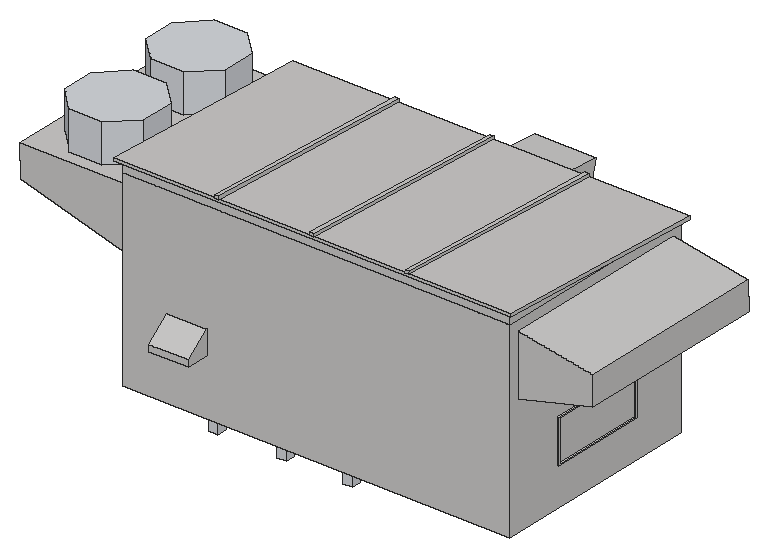
Revit family "DN3_2.0_RT_ECH_2FP", category Mechanical Equipment, Revit 2019
Family settings
  Round Connector Dimension = Use Diameter
  Part Type = Normal
  OmniClass Number = 23.75.00.00
  OmniClass Title = Climate Control (HVAC)
  Work Plane-Based = No
  Always vertical = Yes
  Cut with Voids When Loaded = No
  Shared = No
  Room Calculation Point = No
Parameters (values of type "2 @ 5HP ea. 575V")
  Voltage [instance] = "575V"
  Unit Weight Range (lbs) [instance] = "3400-4550 lbs."
  Refrigerant = "R410A"
  Number of Condenser Fans = "Qty. 2, EC motors, Direct drive"
  Nominal Capacity Range = "3.5T - 20T"
  Max. Shipping Weight (lbs) [instance] = "3400-4550 lbs."
  Unit Dimensions (L x W x H) [instance] = "212-3/4\" x 108-3/4\" x 79-1/2\""
  Shipping Dimensions (L x W x H) [instance] = "212-3/4\" x 108-3/4\" x 79-1/2\""
  Unit [instance] = Renewaire - Galvanized Steel
  URL = "www.renewaire.com"
  Typical Airflow Range = "750-3,300 CFM"
  Standard Features [instance] = "EC Motors for both airstreams, Direct drive backward inclined plenum, Higher ESP of up to 2.5\" w.g. at 3,000 CFM, Integrated programmable controls, True 100% face and bypass enthalpy based modulating economizer, Class 1 low leakage motorized isolation dampers, Stainless steel double-sloped drain pan with cooling option, 1\" Double wall foam injected 20 gauge galvanized panel construction with R6.5 insulation"
  Service Area Visibility [instance] = yes
  Service Area Box [instance] = Renewaire - Interference
  Revit Object Download Link [instance] = ""
  Phase [instance] = "Three"
  Options [instance] = "DX, heat pump, or chilled water cooling coil, Modulating hot gas reheat, Steam or hot water coil, gas heat module or electric heater, Onboard variable frequency drives (VFDs) - both airstreams, Fused disconnect, Spring isolators (VFDs only), 2\" Double wall foam injected 20 gauge galvanized panel construction with R13 insulation, Exterior paint - grey, white, custom color, Salt spray - 2500 hours, BACNET factory activation, GFCI convenience outlet, Recirculation damper, Drain overflow switch, Mist Eliminator, Electrofin coating for coils"
  Number Motors [instance] = "Qty. 2, Direct drive motorized impeller packages"
  Model = "DN-3RT-ECH-2FP"
  Manufacturer = "Renewaire LLC"
  Inlets/Outlets [instance] = "OA & RA Inlets: 36\" x 16\", SA Outlet: 24\" x 16\", EA Outlet: 20\" x 16\""
  Frequency [instance] = "50/60 Hz"
  Filters [instance] = "Total qty. 6, MERV 8: 20\" x 20\" x 2\""
  Features (default) = "BLDC Variable Speed Compressor, Integrated Refrigeration Controller, Electronic Expansion Valve, Filter Drier, Sight Glass"
  Energy Recovery Type [instance] = "Static plate total energy transfer"
  Description = "Energy Recovery Ventilator"
  Available Options = "Fixed Speed Compressor, Suction Accumlator w/HGRH, Modulating 3-way Valve w/HGRH"
  Accessories [instance] = "Filters - MERV 13, 2\"  and 4\" (shipped loose), MERV 14, 2\" and 4\" (shipped loose), Additional filters available upon request, Roof curb - standard 14\", Hurricane or seismic rated curbs, Curb clip kit, Carbon dioxide sensor/control - wall mount (CO2-W), duct mount (CO2-D), IAQ sensor - wall mount (IAQ-W), duct mount (IAQ-D), Motion occupancy sensor/control - ceiling mount (MC-C), wall mount (MC-W), Smoke detector, Room temperature and humidity sensor, Duct static pressure sensor with display to 10\", without display 0-2\", Room pressure sensor with display to 1\", without display 0-1\", Waterless trap negative pressure, waterless trap positive pressure, Remote display"
  AHRI 1060 Certified Core [instance] = "Three L-125-G5"
Types (6): name | Voltage
  (no name) | "575V"
  2 @ 2.70 kW ea. | "200-240 V"
  2 @ 3.70 kW ea. | "380-480 V"
  2 @ 5HP ea. 208-230V | "208-230 V"
  2 @ 5HP ea. 460V | "460V"
  2 @ 5HP ea. 575V | "575V"
Reference planes (in)
  plane 1 "Center (Front/Back)": y = 0
  plane 2: z = 0
  plane 3 "Center (Left/Right)": x = 0
  plane 4: y = -39.6875
  plane 5: x = -73
Forms (in)
  Extrusion 1, solid, material "Renewaire - Galvanized Steel" <- "Unit"
    sketch origin (0, 0, 0) x (0, 1, 0) y (0, 0, 1)
      loop
        line (38.6875, 70.875) -> (-40.6875, 70.875) -> (-40.6875, 0) -> (38.6875, 0) -> (38.6875, 70.875)
    from 70.875 to -73
  Extrusion 2, solid, material "Renewaire - Galvanized Steel" <- "Unit"
    sketch origin (0, -1.04504, 1.25231) x (0, 1, 0) y (0, 0, 1)
      loop
        line (12.02253, 30.88417) -> (-11.97747, 30.88417) -> (-11.97747, 14.88417) -> (12.02253, 14.88417) -> (12.02253, 30.88417)
      loop
        line (11.77253, 30.63417) -> (-11.72747, 30.63417) -> (-11.72747, 15.13417) -> (11.77253, 15.13417) -> (11.77253, 30.63417)
    from -73 to -74
  Extrusion 3, solid, material "Renewaire - Galvanized Steel" <- "Unit"
    sketch origin (0, -1.04504, 3) x (0, 1, 0) y (0, 0, 1)
      loop
        line (-17.97746, 27.82167) -> (-17.97746, 11.82167) -> (18.02254, 11.82167) -> (18.02254, 27.82167) -> (-17.97746, 27.82167)
      loop
        line (-17.72746, 27.57167) -> (-17.72746, 12.07167) -> (17.77254, 12.07167) -> (17.77254, 27.57167) -> (-17.72746, 27.57167)
    from 71.875 to 70.875
  Extrusion 4, void
    sketch origin (0, 0, 0) x (1, 0, 0) y (0, 1, 0)
      loop
        line (-71, 36.6875) -> (-71, -38.6875) -> (68.875, -38.6875) -> (68.875, 36.6875) -> (-71, 36.6875)
    from -1 to 6
  Extrusion 5, void
    sketch origin (0, 0, 0) x (1, 0, 0) y (0, 1, 0)
      loop
        line (63.82319, 17.02251) -> (47.8232, 17.02251) -> (47.8232, -18.97749) -> (63.82319, -18.97749) -> (63.82319, 17.02251)
      loop
        line (-49.7055, 11.02929) -> (-65.7055, 11.02929) -> (-65.7055, -12.97071) -> (-49.7055, -12.97071) -> (-49.7055, 11.02929)
    from 4 to 6.125
  Extrusion 6, void
    sketch origin (0, 0, 0) x (1, 0, 0) y (0, 1, 0)
      loop
        line (-113.80798, 76.76536) -> (-113.80798, -117.79913) -> (98.94202, -117.79913) -> (98.94202, 76.76536) -> (-113.80798, 76.76536)
    from 0 to 70.875
  Extrusion 7, solid, material "Renewaire - Galvanized Steel" <- "Unit"
    sketch origin (0, 0, 0) x (0, 1, 0) y (0, 0, 1)
      loop
        line (38.6875, 67.40788) -> (38.6875, 49.36009) -> (55.14296, 48.91539) -> (59.60759, 65.57761) -> (38.6875, 67.40788)
    from 0 to 22.39252
  Extrusion 8, solid, material "Renewaire - Galvanized Steel" <- "Unit"
    sketch origin (0, 0, 0) x (1, 0, 0) y (0, 0, 1)
      loop
        line (70.875, 67.38694) -> (70.875, 44.63001) -> (98.94202, 51.93797) -> (98.94202, 62.43797) -> (70.875, 67.38694)
    from -35.06601 to 37.05392
  Extrusion 9, solid, material "Renewaire - Galvanized Steel" <- "Unit"
    sketch origin (0, 0, 0) x (1, 0, 0) y (0, 0, 1)
      loop
        line (-73, 29.6828) -> (-77.34667, 28.51811) -> (-75.24095, 20.65947) -> (-73, 20.65947) -> (-73, 29.6828)
    from 14.47821 to 22.90376
  Extrusion 10, solid, material "Renewaire - Galvanized Steel" <- "Unit"
    sketch origin (0, -0.71875, 0) x (0, 1, 0) y (0, 0, 1)
      loop
        line (-39.96875, 20.87411) -> (-39.96875, 29.7991) -> (-48.4375, 23.18634) -> (-48.4375, 20.87411) -> (-39.96875, 20.87411)
    from -56.79672 to -41.89672
  Extrusion 11, solid, material "Renewaire - Galvanized Steel" <- "Unit"
    sketch origin (0, 0, 0) x (0, 1, 0) y (0, 0, 1)
      loop
        line (40.71506, 70.90575) -> (40.76536, 71.90448) -> (-42.74883, 76.11069) -> (-42.79913, 75.11195) -> (40.71506, 70.90575)
    from -74.94102 to 72.69298
  Extrusion 12, solid, material "Renewaire - Galvanized Steel" <- "Unit"
    sketch origin (0, 0, 0) x (0, 1, 0) y (0, 0, 1)
      loop
        line (38.6875, 70.875) -> (38.6875, 71.00786) -> (-40.6875, 75.0056) -> (-40.6875, 70.875) -> (38.6875, 70.875)
    from -73 to 70.875
  Extrusion 13, solid, material "Renewaire - Galvanized Steel" <- "Unit"
    sketch origin (0, 0, 0) x (0, 1, 0) y (0, 0, 1)
      loop
        line (40.76536, 71.90448) -> (40.81566, 72.90323) -> (-42.69853, 77.10944) -> (-42.74883, 76.11069) -> (40.76536, 71.90448)
    from -1.87008 to -0.36867
  Extrusion 14, solid, material "Renewaire - Galvanized Steel" <- "Unit"
    sketch origin (0, 0, 0) x (0, 1, 0) y (0, 0, 1)
      loop
        line (40.76536, 71.90448) -> (40.81566, 72.90323) -> (-42.69853, 77.10944) -> (-42.74883, 76.11069) -> (40.76536, 71.90448)
    from -37.29305 to -35.79803
  Extrusion 15, solid, material "Renewaire - Galvanized Steel" <- "Unit"
    sketch origin (0, 0, 0) x (0, 1, 0) y (0, 0, 1)
      loop
        line (40.76536, 71.90448) -> (40.81566, 72.90323) -> (-42.69853, 77.10944) -> (-42.74883, 76.11069) -> (40.76536, 71.90448)
    from 33.54994 to 35.04499
  Extrusion 16, solid, material "Renewaire - Galvanized Steel" <- "Unit"
    sketch origin (-14.57564, 0.59476, -0.82255) x (-1, 0, 0) y (0, 0, -1)
      loop
        line (58.42436, -66.06476) -> (99.23233, -66.06476) -> (99.23233, -53.9748) -> (58.42436, -42.90542) -> (58.42436, -66.06476)
    from 38.15726 to -38.09274
  Extrusion 17, solid
    sketch origin (59.53544, -75.46529, 93.98217) x (0.999048, 0.043619, 0) y (-0.043619, 0.999048, 0)
      loop
        line (-143.41504, 78.57827) -> (-155.64926, 79.11243) -> (-164.67786, 70.83924) -> (-165.21202, 58.60502) -> (-156.93883, 49.57642) -> (-144.70461, 49.04226) -> (-135.67601, 57.31545) -> (-135.14185, 69.54967) -> (-143.41504, 78.57827)
    from -14.48217 to -28.73996
  Extrusion 18, solid
    sketch origin (59.53544, -37.66513, 93.98217) x (0.999048, 0.043619, 0) y (-0.043619, 0.999048, 0)
      loop
        line (-143.41504, 78.57827) -> (-155.64926, 79.11243) -> (-164.67786, 70.83924) -> (-165.21202, 58.60502) -> (-156.93883, 49.57642) -> (-144.70461, 49.04226) -> (-135.67601, 57.31545) -> (-135.14185, 69.54967) -> (-143.41504, 78.57827)
    from -14.48217 to -28.73996
  Extrusion 19, solid
    sketch origin (-0.00547, 0.00046, 0) x (1, 0, 0) y (0, 1, 0)
      loop
        line (-56.875, 29.3125) -> (-50.875, 29.3125) -> (-50.875, 30.6875) -> (-56.875, 30.6875) -> (-56.875, 29.3125)
      loop
        line (-22.625, 29.3125) -> (-17.125, 29.3125) -> (-17.125, 30.6875) -> (-22.625, 30.6875) -> (-22.625, 29.3125)
    from -6.65974 to 0
  Extrusion 20, solid
    sketch origin (-1.136, -0.5, 0) x (1, 0, 0) y (0, 1, 0)
      loop
        line (10.25, -36.1875) -> (10.25, -32.6875) -> (6.75, -32.6875) -> (6.75, -36.1875) -> (10.25, -36.1875)
      loop
        line (-14.275, -36.1875) -> (-14.275, -32.6875) -> (-17.775, -32.6875) -> (-17.775, -36.1875) -> (-14.275, -36.1875)
      loop
        line (-39.714, -36.1875) -> (-39.714, -32.6875) -> (-43.214, -32.6875) -> (-43.214, -36.1875) -> (-39.714, -36.1875)
    from -6.65974 to 0
  Extrusion 21, void
    sketch origin (-66.33944, 57.70603, 67.63278) x (1, 0, 0) y (0, 1, 0)
      loop
        line (-47.60158, -19.01853) -> (-47.60158, -95.26853) -> (-8.4875, -95.26853) -> (-8.4875, -19.01853) -> (-47.60158, -19.01853)
    from 11.86722 to 59.86719
  Extrusion 22, solid
    sketch origin (-26.25483, -15.00523, 66.13897) x (1, 0, 0) y (0, 1, 0)
      loop
        line (-48.37017, -17.68227) -> (-48.37017, -21.18227) -> (-46.80927, -21.18227) -> (-46.80927, -17.68227) -> (-48.37017, -17.68227)
    from -24.05611 to -29
Cuts and joins
  Extrusion 4, Extrusion 5 cuts Extrusion 1
Dimensions and locks (in)
  aligned and locked: level to plane 2
  aligned and locked: Extrusion 6 to level
Connectors (in)
  hvac at (-74, -1.02251, 24.13648)
    settings: on Extrusion 2, index 1, duct flow 0 CFM, flow factor 0, pres drop 0.00 in-wg, loss coef 0, conn angle 0.00°, conn width 24", conn height 16", conn diameter 24", duct sys type 1, conn prof type 1, flow config 0, flow direction 2, loss method 0, conn ref index -1, conn util no, is conn primary yes, conn desc "Supply Air (SA)"
  hvac at (71.875, -1.0225, 22.82167)
    settings: on Extrusion 3, index 4, duct flow 0 CFM, flow factor 0, pres drop 0.00 in-wg, loss coef 0, conn angle 0.00°, conn width 36", conn height 16", conn diameter 24", duct sys type 2, conn prof type 1, flow config 0, flow direction 1, loss method 0, conn ref index -1, conn util no, is conn primary no, conn desc "Return Air (RA)"
  hvac at (-57.7055, -0.97071, 6.125)
    settings: on cut or joined group of Extrusion 1, Extrusion 4, Extrusion 5, index 5, duct flow 0 CFM, flow factor 0, pres drop 0.00 in-wg, loss coef 0, conn angle 0.00°, conn width 16", conn height 24", conn diameter 24", duct sys type 1, conn prof type 1, flow config 0, flow direction 2, loss method 0, conn ref index -1, conn util no, is conn primary no, conn desc "Supply Air (SA)"
  hvac at (55.8232, -0.97749, 6.125)
    settings: on cut or joined group of Extrusion 1, Extrusion 4, Extrusion 5, index 6, duct flow 0 CFM, flow factor 0, pres drop 0.00 in-wg, loss coef 0, conn angle 0.00°, conn width 16", conn height 36", conn diameter 24", duct sys type 2, conn prof type 1, flow config 0, flow direction 1, loss method 0, conn ref index -1, conn util no, is conn primary no, conn desc "Return Air (RA)"
  piping at (-42.6, -34.9375, -6.65974), diameter 3.5
    settings: on Extrusion 20, index 7, connector inside diameter 24", connector length 0' - 0", flow factor 0, pipe flow 0 GPM, pressure drop 0.00 psi, fitting loss kfactor 0, connector angle 0.00°, fixture units 0, engagement length 0' - 0", angle of deflection 0.00°, flow configuration 0, flow direction 0, fitting loss method 0, system type 19, joint type 0, gender type 0, connector reference index -1, connector utility 0, adjustable connector no, is connector primary yes, connector description ""
  piping at (-17.161, -34.9375, -6.65974), diameter 3.5
    settings: on Extrusion 20, index 8, connector inside diameter 24", connector length 0' - 0", flow factor 0, pipe flow 0 GPM, pressure drop 0.00 psi, fitting loss kfactor 0, connector angle 0.00°, fixture units 0, engagement length 0' - 0", angle of deflection 0.00°, flow configuration 0, flow direction 0, fitting loss method 0, system type 19, joint type 0, gender type 0, connector reference index -1, connector utility 0, adjustable connector no, is connector primary no, connector description ""
  piping at (7.364, -34.9375, -6.65974), diameter 3.5
    settings: on Extrusion 20, index 9, connector inside diameter 24", connector length 0' - 0", flow factor 0, pipe flow 0 GPM, pressure drop 0.00 psi, fitting loss kfactor 0, connector angle 0.00°, fixture units 0, engagement length 0' - 0", angle of deflection 0.00°, flow configuration 0, flow direction 0, fitting loss method 0, system type 19, joint type 0, gender type 0, connector reference index -1, connector utility 0, adjustable connector no, is connector primary no, connector description ""
  piping at (-19.88047, 30.00046, -6.65974), diameter 1.25
    settings: on Extrusion 19, index 10, connector inside diameter 24", connector length 0' - 0", flow factor 0, pipe flow 0 GPM, pressure drop 0.00 psi, fitting loss kfactor 0, connector angle 0.00°, fixture units 0, engagement length 0' - 0", angle of deflection 0.00°, flow configuration 0, flow direction 0, fitting loss method 0, system type 19, joint type 0, gender type 0, connector reference index -1, connector utility 0, adjustable connector no, is connector primary no, connector description ""
  piping at (-53.88047, 30.00046, -6.65974), diameter 1.25
    settings: on Extrusion 19, index 11, connector inside diameter 24", connector length 0' - 0", flow factor 0, pipe flow 0 GPM, pressure drop 0.00 psi, fitting loss kfactor 0, connector angle 0.00°, fixture units 0, engagement length 0' - 0", angle of deflection 0.00°, flow configuration 0, flow direction 0, fitting loss method 0, system type 19, joint type 0, gender type 0, connector reference index -1, connector utility 0, adjustable connector no, is connector primary no, connector description ""
  electrical at (-74.625, -34.4375, 39.61092)
    settings: on Extrusion 22, index 12, voltage 0 V, apparent load 0 VA, apparent load phase1 0 VA, apparent load phase2 0 VA, apparent load phase3 0 VA, power factor 1, load classification "Other", number of poles 1, system type 30, power factor state 1, is connector primary yes, connector utility no, sub classification motor no, connector description ""
